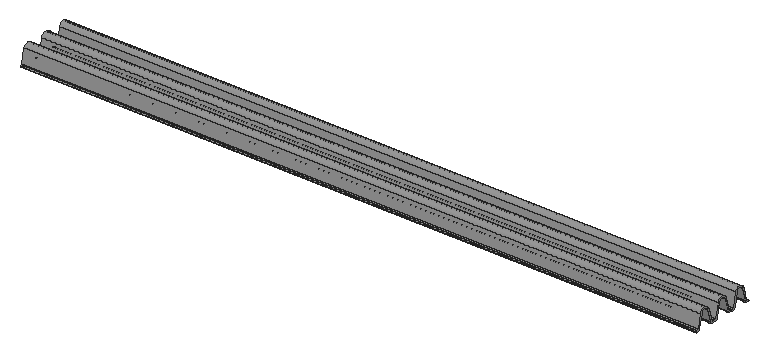
Revit family "INT K 100", category Generic Models, Revit 2014
Parameters (values of type "Max lintel length 1200mm")
  URL = "http://www.keystonelintels.co.uk"
  Structural Opening [instance] = 900 mm
  Structural Performance = "The Keystone lintel range has safe working loads as detailed in each applicable loading table in the Keystone Lintel Guide brochure. The structural performance figures within each table have been ascertained by testing in accordance with the requirements of standards BS EN 5977-2: 1983 and BS EN 845-2: 2003."
  RIBA Productor Selector = "available for Keystone Lintels Ltd from Keystone Lintels Ltd from ribaproductselector.com"
  Model = "INT/K 100"
  Min Length = 600 mm
  Min Clear Span = 300 mm
  Max Length = 1200 mm
  Max Clear Span = 1200 mm
  Material - Stainless Steel = "Grade 304 2b 1.4307 to BS EN 10088-2. Other grades available on request: contact manufacturer."
  Material - Galvanised Steel = "To BS EN 10346: 2009. DX51D plus Z600 or grade Z275 to BS 5977-2: 1983 (BS EN 845-2: 2003)."
  Manufacturer = "Keystone"
  Manufactured Length [instance] = (roundup(Effective Length / 150 mm) * 150 mm)  # 1200 mm
  Lintel height [instance] = 2100 mm
  Keynote = "F30/755"
  Fire Performance = "Keystone lintels have been subjected to a fire test (WARRES No. 101263) in accordance with BS 476-20: 1987, at Exova Warrington Fire and achieved a one hour fire performance."
  End Bearing = 150 mm
  Effective Length [instance] = Clear Opening with MIN MAX set + End Bearing * 2  # 1200 mm
  Corrosion = "Keystone’s standard range of lintels are manufactured from high quality grade pre-galvanized carbon steel with a zinc coating of 600"
  Contact Tel = "+44 (0)28 8676 2184"
  Contact Email = "info@keystonelintels.co.uk"
  Clear Opening with MIN MAX set [instance] = if(Structural Opening < Min Clear Span, Min Clear Span, (if(Structural Opening > Max Clear Span, Max Clear Span, Structural Opening)))  # 900 mm
  CPD Information = "Available for Keystone Lintels Ltd from ribacpd.com"
Reference planes
  plane 1 "Center (Front/Back)": y = 0
  plane 2: z = 0
  plane 3 "Center (Left/Right)": x = 0
  plane 4: x = -600
  plane 5: x = 600
  plane 6: z = 2100
  plane 7: x = -450
  plane 8: x = 450
Forms (mm)
  Extrusion 1, solid, material "Steel"
    sketch origin (0, 717.577, -596.07) x (0, 1, 0) y (0, 0, 1)
      loop
        arc (-671.028, 2696.969) -> (-669.06, 2696.249) -> (-666.973, 2696.07) r 7.926
        line (-666.973, 2696.07) -> (-667.029, 2697.269)
        arc (-667.029, 2697.269) -> (-668.801, 2697.42) -> (-670.471, 2698.031) r 6.726
        arc (-670.471, 2698.031) -> (-671.056, 2698.521) -> (-671.386, 2699.208) r 1.8
        line (-671.386, 2699.208) -> (-676.028, 2718.707)
        arc (-676.028, 2718.707) -> (-683.424, 2724.218) -> (-690.972, 2718.918) r 7.868
        line (-690.972, 2718.918) -> (-695.051, 2698.714)
        arc (-695.051, 2698.714) -> (-695.676, 2697.677) -> (-696.816, 2697.27) r 1.8
        line (-696.816, 2697.27) -> (-702.448, 2697.27)
        arc (-702.448, 2697.27) -> (-703.525, 2697.628) -> (-704.174, 2698.558) r 1.8
        line (-704.174, 2698.558) -> (-710.193, 2718.841)
        arc (-710.193, 2718.841) -> (-717.593, 2724.319) -> (-725.125, 2719.024) r 7.868
        line (-725.125, 2719.024) -> (-729.381, 2698.701)
        arc (-729.381, 2698.701) -> (-730.008, 2697.673) -> (-731.143, 2697.27) r 1.8
        line (-731.143, 2697.27) -> (-736.573, 2697.27)
        arc (-736.573, 2697.27) -> (-737.65, 2697.628) -> (-738.299, 2698.558) r 1.8
        line (-738.299, 2698.558) -> (-744.348, 2718.942)
        arc (-744.348, 2718.942) -> (-751.748, 2724.42) -> (-759.28, 2719.124) r 7.868
        line (-759.28, 2719.124) -> (-763.469, 2699.119)
        arc (-763.469, 2699.119) -> (-763.789, 2698.412) -> (-764.376, 2697.904) r 1.8
        arc (-764.376, 2697.904) -> (-765.63, 2697.414) -> (-766.969, 2697.27) r 5.084
        line (-766.969, 2697.27) -> (-766.997, 2696.07)
        arc (-766.997, 2696.07) -> (-765.326, 2696.253) -> (-763.763, 2696.872) r 6.284
        arc (-763.763, 2696.872) -> (-762.812, 2697.714) -> (-762.295, 2698.873) r 3
        line (-762.295, 2698.873) -> (-758.122, 2718.801)
        arc (-758.122, 2718.801) -> (-751.732, 2723.22) -> (-745.495, 2718.588) r 6.668
        line (-745.495, 2718.588) -> (-739.449, 2698.217)
        arc (-739.449, 2698.217) -> (-738.367, 2696.666) -> (-736.573, 2696.07) r 3
        line (-736.573, 2696.07) -> (-731.143, 2696.07)
        arc (-731.143, 2696.07) -> (-729.251, 2696.742) -> (-728.206, 2698.455) r 3
        line (-728.206, 2698.455) -> (-723.967, 2718.7)
        arc (-723.967, 2718.7) -> (-717.577, 2723.119) -> (-711.34, 2718.487) r 6.668
        line (-711.34, 2718.487) -> (-705.324, 2698.217)
        arc (-705.324, 2698.217) -> (-704.242, 2696.666) -> (-702.448, 2696.07) r 3
        line (-702.448, 2696.07) -> (-696.816, 2696.07)
        arc (-696.816, 2696.07) -> (-694.916, 2696.749) -> (-693.875, 2698.477) r 3
        line (-693.875, 2698.477) -> (-689.812, 2718.599)
        arc (-689.812, 2718.599) -> (-683.423, 2723.018) -> (-677.185, 2718.386) r 6.668
        line (-677.185, 2718.386) -> (-672.553, 2698.93)
        arc (-672.553, 2698.93) -> (-672.003, 2697.784) -> (-671.028, 2696.969) r 3
    from -450 to 600
  Extrusion 2, solid, not visible
    sketch origin (0, 886.241, 1130.775) x (0, 1, 0) y (0, 0, 1)
      loop
        arc (-671.028, 1096.969) -> (-669.06, 1096.249) -> (-666.973, 1096.07) r 7.926
        line (-666.973, 1096.07) -> (-667.029, 1097.269)
        arc (-667.029, 1097.269) -> (-668.801, 1097.42) -> (-670.471, 1098.031) r 6.726
        arc (-670.471, 1098.031) -> (-671.056, 1098.521) -> (-671.386, 1099.208) r 1.8
        line (-671.386, 1099.208) -> (-676.028, 1118.707)
        arc (-676.028, 1118.707) -> (-683.424, 1124.218) -> (-690.972, 1118.918) r 7.868
        line (-690.972, 1118.918) -> (-695.051, 1098.714)
        arc (-695.051, 1098.714) -> (-695.676, 1097.677) -> (-696.816, 1097.27) r 1.8
        line (-696.816, 1097.27) -> (-702.448, 1097.27)
        arc (-702.448, 1097.27) -> (-703.525, 1097.628) -> (-704.174, 1098.558) r 1.8
        line (-704.174, 1098.558) -> (-710.193, 1118.841)
        arc (-710.193, 1118.841) -> (-717.593, 1124.319) -> (-725.125, 1119.024) r 7.868
        line (-725.125, 1119.024) -> (-729.381, 1098.701)
        arc (-729.381, 1098.701) -> (-730.008, 1097.673) -> (-731.143, 1097.27) r 1.8
        line (-731.143, 1097.27) -> (-736.573, 1097.27)
        arc (-736.573, 1097.27) -> (-737.65, 1097.628) -> (-738.299, 1098.558) r 1.8
        line (-738.299, 1098.558) -> (-744.348, 1118.942)
        arc (-744.348, 1118.942) -> (-751.748, 1124.42) -> (-759.28, 1119.124) r 7.868
        line (-759.28, 1119.124) -> (-763.469, 1099.119)
        arc (-763.469, 1099.119) -> (-763.789, 1098.412) -> (-764.376, 1097.904) r 1.8
        arc (-764.376, 1097.904) -> (-765.63, 1097.414) -> (-766.969, 1097.27) r 5.084
        line (-766.969, 1097.27) -> (-766.997, 1096.07)
        arc (-766.997, 1096.07) -> (-765.326, 1096.253) -> (-763.763, 1096.872) r 6.284
        arc (-763.763, 1096.872) -> (-762.812, 1097.714) -> (-762.295, 1098.873) r 3
        line (-762.295, 1098.873) -> (-758.122, 1118.801)
        arc (-758.122, 1118.801) -> (-751.732, 1123.22) -> (-745.495, 1118.588) r 6.668
        line (-745.495, 1118.588) -> (-739.449, 1098.217)
        arc (-739.449, 1098.217) -> (-738.367, 1096.666) -> (-736.573, 1096.07) r 3
        line (-736.573, 1096.07) -> (-731.143, 1096.07)
        arc (-731.143, 1096.07) -> (-729.251, 1096.742) -> (-728.206, 1098.455) r 3
        line (-728.206, 1098.455) -> (-723.967, 1118.7)
        arc (-723.967, 1118.7) -> (-717.577, 1123.119) -> (-711.34, 1118.487) r 6.668
        line (-711.34, 1118.487) -> (-705.324, 1098.217)
        arc (-705.324, 1098.217) -> (-704.242, 1096.666) -> (-702.448, 1096.07) r 3
        line (-702.448, 1096.07) -> (-696.816, 1096.07)
        arc (-696.816, 1096.07) -> (-694.916, 1096.749) -> (-693.875, 1098.477) r 3
        line (-693.875, 1098.477) -> (-689.812, 1118.599)
        arc (-689.812, 1118.599) -> (-683.423, 1123.018) -> (-677.185, 1118.386) r 6.668
        line (-677.185, 1118.386) -> (-672.553, 1098.93)
        arc (-672.553, 1098.93) -> (-672.003, 1097.784) -> (-671.028, 1096.969) r 3
    from 0 to 250
Dimensions and locks
  equal spacing: plane 4, plane 3 "Center (Left/Right)", plane 5
  "Manufactured Length": plane 4 to plane 5
  "Lintel height": plane 6 to level
  "Structural Opening": plane 7 to plane 8
  equal spacing: plane 7, plane 3 "Center (Left/Right)", plane 8
  aligned and locked: level to plane 2
  aligned and locked: Extrusion 1 to plane 6
  aligned and locked: plane 5 to Extrusion 1
  aligned and locked: Extrusion 1 to plane 7
Automatic sketch dimensions
  Extrusion 1 sketch curve to Extrusion 1 sketch curve = 2.289 mm
  Extrusion 1 sketch curve to Extrusion 1 sketch curve = 1.394 mm
  Extrusion 1 sketch curve to Extrusion 1 sketch curve = 0 mm  (x44)
  Extrusion 1 sketch curve to Extrusion 1 sketch curve = 1.525 mm
  Extrusion 1 sketch curve to Extrusion 1 sketch curve = 4.056 mm
  Extrusion 1 sketch curve to Extrusion 1 sketch curve = 0.057 mm
  Extrusion 1 sketch curve to Extrusion 1 sketch curve = 1.199 mm
  Extrusion 1 sketch curve to Extrusion 1 sketch curve = 0.558 mm
  Extrusion 1 sketch curve to Extrusion 1 sketch curve = 1.167 mm
  Extrusion 1 sketch curve to Extrusion 1 sketch curve = 8.682 mm
  Extrusion 1 sketch curve to Extrusion 1 sketch curve = 14.72 mm
  Extrusion 1 sketch curve to Extrusion 1 sketch curve = 1.157 mm
  Extrusion 1 sketch curve to Extrusion 1 sketch curve = 0.321 mm
  Extrusion 1 sketch curve to Extrusion 1 sketch curve = 6.35 mm  (x3)
  Extrusion 1 sketch curve to Extrusion 1 sketch curve = 2.035 mm  (x3)
  Extrusion 1 sketch curve to Extrusion 1 sketch curve = 6.277 mm  (x3)
  Extrusion 1 sketch curve to Extrusion 1 sketch curve = 1.16 mm
  Extrusion 1 sketch curve to Extrusion 1 sketch curve = 4.063 mm
  Extrusion 1 sketch curve to Extrusion 1 sketch curve = 20.123 mm
  Extrusion 1 sketch curve to Extrusion 1 sketch curve = 1.176 mm
  Extrusion 1 sketch curve to Extrusion 1 sketch curve = 0.237 mm
  Extrusion 1 sketch curve to Extrusion 1 sketch curve = 1.764 mm
  Extrusion 1 sketch curve to Extrusion 1 sketch curve = 0.356 mm
  Extrusion 1 sketch curve to Extrusion 1 sketch curve = 5.632 mm
  Extrusion 1 sketch curve to Extrusion 1 sketch curve = 1.8 mm  (x2)
  Extrusion 1 sketch curve to Extrusion 1 sketch curve = 2.876 mm  (x2)
  Extrusion 1 sketch curve to Extrusion 1 sketch curve = 1.15 mm  (x2)
  Extrusion 1 sketch curve to Extrusion 1 sketch curve = 19.221 mm
  Extrusion 1 sketch curve to Extrusion 1 sketch curve = 0.078 mm
  Extrusion 1 sketch curve to Extrusion 1 sketch curve = 1.147 mm  (x2)
  Extrusion 1 sketch curve to Extrusion 1 sketch curve = 0.353 mm  (x2)
  Extrusion 1 sketch curve to Extrusion 1 sketch curve = 1.158 mm  (x2)
  Extrusion 1 sketch curve to Extrusion 1 sketch curve = 4.239 mm
  Extrusion 1 sketch curve to Extrusion 1 sketch curve = 20.245 mm
  Extrusion 1 sketch curve to Extrusion 1 sketch curve = 1.175 mm  (x2)
  Extrusion 1 sketch curve to Extrusion 1 sketch curve = 0.246 mm  (x2)
  Extrusion 1 sketch curve to Extrusion 1 sketch curve = 1.762 mm  (x2)
  Extrusion 1 sketch curve to Extrusion 1 sketch curve = 0.369 mm  (x2)
  Extrusion 1 sketch curve to Extrusion 1 sketch curve = 5.43 mm
  Extrusion 1 sketch curve to Extrusion 1 sketch curve = 19.223 mm
  Extrusion 1 sketch curve to Extrusion 1 sketch curve = 0.082 mm
  Extrusion 1 sketch curve to Extrusion 1 sketch curve = 4.173 mm
  Extrusion 1 sketch curve to Extrusion 1 sketch curve = 19.928 mm
  Extrusion 1 sketch curve to Extrusion 1 sketch curve = 0.293 mm
  Extrusion 1 sketch curve to Extrusion 1 sketch curve = 0.614 mm
  Extrusion 1 sketch curve to Extrusion 1 sketch curve = 1.608 mm
  Extrusion 1 sketch curve to Extrusion 1 sketch curve = 2.864 mm
  Extrusion 1 sketch curve to Extrusion 1 sketch curve = 2.593 mm
  Extrusion 1 sketch curve to Extrusion 1 sketch curve = 0.028 mm
  Extrusion 2 sketch curve to Extrusion 2 sketch curve = 2.289 mm
  Extrusion 2 sketch curve to Extrusion 2 sketch curve = 1.394 mm
  Extrusion 2 sketch curve to Extrusion 2 sketch curve = 0 mm  (x44)
  Extrusion 2 sketch curve to Extrusion 2 sketch curve = 1.525 mm
  Extrusion 2 sketch curve to Extrusion 2 sketch curve = 4.056 mm
  Extrusion 2 sketch curve to Extrusion 2 sketch curve = 0.057 mm
  Extrusion 2 sketch curve to Extrusion 2 sketch curve = 1.199 mm
  Extrusion 2 sketch curve to Extrusion 2 sketch curve = 0.558 mm
  Extrusion 2 sketch curve to Extrusion 2 sketch curve = 1.167 mm
  Extrusion 2 sketch curve to Extrusion 2 sketch curve = 8.682 mm
  Extrusion 2 sketch curve to Extrusion 2 sketch curve = 14.72 mm
  Extrusion 2 sketch curve to Extrusion 2 sketch curve = 1.157 mm
  Extrusion 2 sketch curve to Extrusion 2 sketch curve = 0.321 mm
  Extrusion 2 sketch curve to Extrusion 2 sketch curve = 6.35 mm  (x3)
  Extrusion 2 sketch curve to Extrusion 2 sketch curve = 2.035 mm  (x3)
  Extrusion 2 sketch curve to Extrusion 2 sketch curve = 6.277 mm  (x3)
  Extrusion 2 sketch curve to Extrusion 2 sketch curve = 1.16 mm
  Extrusion 2 sketch curve to Extrusion 2 sketch curve = 4.063 mm
  Extrusion 2 sketch curve to Extrusion 2 sketch curve = 20.123 mm
  Extrusion 2 sketch curve to Extrusion 2 sketch curve = 1.176 mm
  Extrusion 2 sketch curve to Extrusion 2 sketch curve = 0.237 mm
  Extrusion 2 sketch curve to Extrusion 2 sketch curve = 1.764 mm
  Extrusion 2 sketch curve to Extrusion 2 sketch curve = 0.356 mm
  Extrusion 2 sketch curve to Extrusion 2 sketch curve = 5.632 mm
  Extrusion 2 sketch curve to Extrusion 2 sketch curve = 1.8 mm  (x2)
  Extrusion 2 sketch curve to Extrusion 2 sketch curve = 2.876 mm  (x2)
  Extrusion 2 sketch curve to Extrusion 2 sketch curve = 1.15 mm  (x2)
  Extrusion 2 sketch curve to Extrusion 2 sketch curve = 19.221 mm
  Extrusion 2 sketch curve to Extrusion 2 sketch curve = 0.078 mm
  Extrusion 2 sketch curve to Extrusion 2 sketch curve = 1.147 mm  (x2)
  Extrusion 2 sketch curve to Extrusion 2 sketch curve = 0.353 mm  (x2)
  Extrusion 2 sketch curve to Extrusion 2 sketch curve = 1.158 mm  (x2)
  Extrusion 2 sketch curve to Extrusion 2 sketch curve = 4.239 mm
  Extrusion 2 sketch curve to Extrusion 2 sketch curve = 20.245 mm
  Extrusion 2 sketch curve to Extrusion 2 sketch curve = 1.175 mm  (x2)
  Extrusion 2 sketch curve to Extrusion 2 sketch curve = 0.246 mm  (x2)
  Extrusion 2 sketch curve to Extrusion 2 sketch curve = 1.762 mm  (x2)
  Extrusion 2 sketch curve to Extrusion 2 sketch curve = 0.369 mm  (x2)
  Extrusion 2 sketch curve to Extrusion 2 sketch curve = 5.43 mm
  Extrusion 2 sketch curve to Extrusion 2 sketch curve = 19.223 mm
  Extrusion 2 sketch curve to Extrusion 2 sketch curve = 0.082 mm
  Extrusion 2 sketch curve to Extrusion 2 sketch curve = 4.173 mm
  Extrusion 2 sketch curve to Extrusion 2 sketch curve = 19.928 mm
  Extrusion 2 sketch curve to Extrusion 2 sketch curve = 0.293 mm
  Extrusion 2 sketch curve to Extrusion 2 sketch curve = 0.614 mm
  Extrusion 2 sketch curve to Extrusion 2 sketch curve = 1.608 mm
  Extrusion 2 sketch curve to Extrusion 2 sketch curve = 2.864 mm
  Extrusion 2 sketch curve to Extrusion 2 sketch curve = 2.593 mm
  Extrusion 2 sketch curve to Extrusion 2 sketch curve = 0.028 mm
  Extrusion 1 sketch curve to plane 6 = 0 mm
  plane 1 "Center (Front/Back)" to Extrusion 1 sketch curve = 49.42 mm
